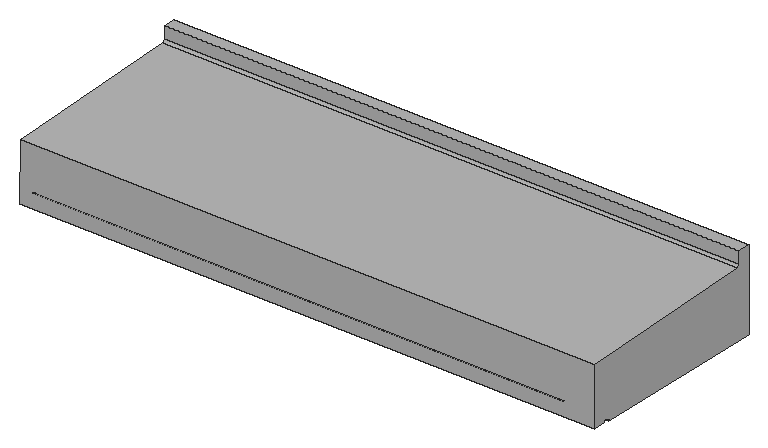
Revit family "335mm Wide-Sill -S335", category Generic Models, Revit 2020
Family settings
  Can host rebar = No
  Round Connector Dimension = Use Diameter
  Part Type = Normal
  Work Plane-Based = No
  Always vertical = Yes
  Cut with Voids When Loaded = No
  Shared = No
  Room Calculation Point = No
Parameters
  Width of Seating = 20 mm
  Weight = "90Kg/m"
  Warranty Guarantor Parts = "n/a"
  Warranty Guarantor Labour = "n/a"
  Warranty Duration Unit = "n/a"
  Warranty Duration Parts = "n/a"
  Warranty Duration Labour = "n/a"
  Warranty Description = "n/a"
  URL = "www.killeshal.com"
  Types = "Single"
  Type Comments = "Visit our website for a full list of available products."
  Sustainability Performance = "n/a"
  Structural Class = "n/a"
  Span = "Ope Size + 205mm overhang."
  Slope = "0.00°"
  Size = "335mm x 140 to 100mm"
  Sill Width [instance] = 335 mm
  Sill Length [instance] = 1002 mm
  Sill Height [instance] = 140 mm
  Shape = "As per drawing"
  Service Life = "0.000000"
  Serial Number = "n/a"
  Resistance to Fire = "n/a"
  Replacement Cost = "n/a"
  Reference = "n/a"
  Notified Body = "n/a"
  Nominal Cover to Main Bar = "n/a"
  Model = "S/335 Sill"
  Mechanical Resistance = "n/a"
  Manufacturer = "Killeshal Precast Concrete Ltd."
  Load Bearing = no
  Life Cycle Environmental Load = "n/a"
  Length Options = "Made to Order"
  Keynote = "The information contained is the sole property of KPC Ltd., any reproduction in part or whole without permission of KPC Ltd. is prohibited."
  Front Face Dimension = 100 mm
  Environmental Product Declaration = "n/a"
  Environmental Class = "n/a"
  Durability against Corrosion = "n/a"
  Distance from Face to Seating = 315 mm
  Dimension Accuracy Class = "n/a"
  Detailing = "As per design specification and product drawings."
  Description = "S/335 Sill"
  Default Elevation = 0 mm
  Dangerous Substances = "n/a"
  Contact Tel = "0035357 9353018"
  Contact Email = "sales@killeshal.com"
  Construction Type = "Precast"
  Construction Tolerance Class = "n/a"
  Compressive Strength of Concrete = "n/a"
  Characteristics of Reinforcing Steel = "n/a"
  Characteristics Deflection Under Load = "n/a"
Reference planes
  plane 1 "Center (Front/Back)": y = 0
  plane 2: z = 0
  plane 3 "Center (Left/Right)": x = 0
  plane 4 "Rear": y = 112.5
  plane 5 "Front": y = -222.5
  plane 6 "Top": z = 140
  plane 7 "Center L/T": z = 100
  plane 8 "Center L/U": y = 92.5
  plane 9 "Center L/V": z = 115
Forms (mm)
  Extrusion 1, solid, material "Precast Concrete (KPC)"
    sketch origin (0, 0, 0) x (0, 1, 0) y (0, 0, 1)
      loop
        line (112.5, 0) -> (112.5, 140) -> (92.5, 140) -> (92.5, 118.707)
        arc (92.5, 118.707) -> (91.43, 115.984) -> (88.792, 114.718) r 4
        line (88.792, 114.718) -> (-222.5, 100) -> (-222.5, 0) -> (-202.5, 0)
        arc (-202.5, 0) -> (-197.5, 5) -> (-192.5, 0) r 5
        line (-192.5, 0) -> (112.5, 0)
    from 0 to 1002
Dimensions and locks
  "Sill Width": Extrusion 1 to Extrusion 1
  "Sill Height": Extrusion 1 to Extrusion 1
  Extrusion 1 to Extrusion 1 = 20 mm
  Extrusion 1 to plane 5 "Front" = 315 mm
  "Sill Length": Extrusion 1 to Extrusion 1
  Extrusion 1 to plane 7 "Center L/T" = 100 mm
  plane 6 "Top" to plane 7 "Center L/T" = 40 mm
  aligned and locked: level to plane 2
Automatic sketch dimensions
  Extrusion 1 sketch curve to level = 0 mm
  Extrusion 1 sketch curve to plane 5 "Front" = 0 mm
  Extrusion 1 sketch curve to plane 8 "Center L/U" = 0 mm
  Extrusion 1 sketch curve to plane 4 "Rear" = 0 mm
  Extrusion 1 sketch curve to plane 7 "Center L/T" = 0 mm
  Extrusion 1 sketch curve to plane 6 "Top" = 0 mm
  plane 5 "Front" to Extrusion 1 sketch curve = 20 mm
  Extrusion 1 sketch curve to Extrusion 1 sketch curve = 5 mm
  Extrusion 1 sketch curve to plane 8 "Center L/U" = 4 mm
  Extrusion 1 sketch curve to plane 9 "Center L/V" = 0.282 mm
  Extrusion 1 sketch curve to plane 8 "Center L/U" = 3.708 mm
